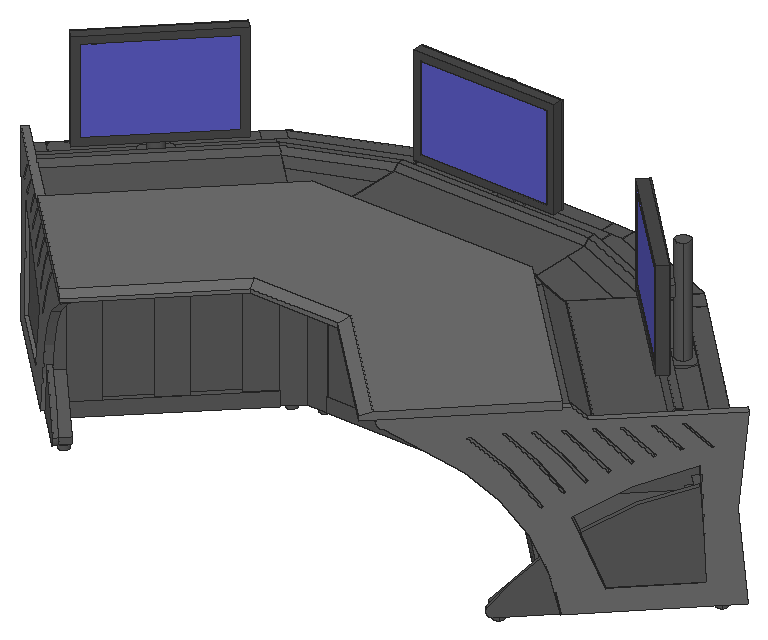
Revit family
Parameters (values of type "3x24" Chase, 2x45deg")
  Worksurface Material = Truform PVC - Winsted Corporation - SG - Shark Grey
  URL = "www.winsted.com"
  Type Comments = "Sightline Corner Console with three 24 Inch Chases and two 45 degree corners"  # constant formula
  Side Panel Material = Truform PVC - Winsted Corporation - SG - Shark Grey
  Product Page URL = "http://www.winsted.com/l3_commandconsoles_sightline.htm"
  Product Documentation Link = "http://www.winsted.com/resources_ae_a4.htm"
  Model = "G9853"  # constant formula
  Manufacturer = "Winsted Corporation"  # constant formula
  Description = "Sightline Corner Console with three 24 Inch Chases and two 45 degree corners"  # constant formula
  Console Material = Powder Coating - Winsted Corporation - BL - Black
  Assembly Code = "E2020200"
Reference planes (in)
  plane 1 "Center Front/Back": y = 0
  plane 2: z = 0
  plane 3 "Center Left/Right": x = 0
  plane 4 "Right": x = 52.02324
  plane 5 "Left": x = -52.0294
  plane 6 "Front": y = -57.06152
  plane 7 "Top": z = 28.5
Forms (in)
  Extrusion 1, solid, material "Powder Coating - Winsted Corporation - BL - Black" <- "Console Material", detail levels fine
    sketch origin (49.2838, -25.58663, 0.03495) x (0.707107, 0.707107, 0) y (0, 0, 1)
      loop
        line (-19.15224, 27.34176) -> (-32.84889, 27.34176) -> (-21.01804, 24.44214) -> (-19.15224, 24.44214) -> (-19.15224, 27.34176)
    from 0 to 1.05859
  Extrusion 2, solid, material "Powder Coating - Winsted Corporation - BL - Black" <- "Console Material", detail levels fine
    sketch origin (-50.0045, -26.30327, 0.03495) x (-0.707107, 0.707107, 0) y (0, 0, 1)
      loop
        line (-19.15224, 27.34176) -> (-32.84889, 27.34176) -> (-21.01804, 24.44214) -> (-19.15224, 24.44214) -> (-19.15224, 27.34176)
    from 0 to 1.05859
  Extrusion 3, solid, material "Powder Coating - Winsted Corporation - BL - Black" <- "Console Material", detail levels medium+fine
    sketch origin (-50.09049, -26.39076, 0) x (-0.707107, 0.707107, 0) y (0, 0, 1)
      loop
        line (0, 24.37769) -> (-2.24609, 24.37647) -> (-2.24609, 23.12744) -> (-13.87451, 23.12744) -> (-13.87451, 24.37695) -> (-20.99512, 24.37695) -> (-20.99902, 7.17651) -> (-27.07178, 1.80908) -> (-27.07422, 0.87817) -> (0, 0.87817) -> (0, 24.37769)
      loop
        line (-2.74902, 21.63037) -> (-18.24805, 21.63037) -> (-18.24805, 3.62598) -> (-2.75146, 3.62598) -> (-2.74902, 21.63037)
    from 0 to 1.625
  Extrusion 4, solid, material "Powder Coating - Winsted Corporation - BL - Black" <- "Console Material", detail levels fine
    sketch origin (-31.97088, -8.27115, 0) x (0.707107, 0.707107, 0) y (-0.707107, 0.707107, 0)
      loop
        circle (-24.81641, -1) r 0.69
    from 0 to 0.5
  Extrusion 5, solid, material "Powder Coating - Winsted Corporation - BL - Black" <- "Console Material", detail levels fine
    sketch origin (-31.97088, -8.27115, 0.5) x (-0.707107, 0.707107, 0) y (-0.707107, -0.707107, 0)
      loop
        circle (-1, 24.81641) r 0.22
    from 0 to 0.37109
  Extrusion 6, solid, material "Powder Coating - Winsted Corporation - BL - Black" <- "Console Material", detail levels fine
    sketch origin (-14.24246, -25.99958, 0) x (0.707107, 0.707107, 0) y (-0.707107, 0.707107, 0)
      loop
        circle (-24.81641, -1) r 0.69
    from 0 to 0.5
  Extrusion 7, solid, material "Powder Coating - Winsted Corporation - BL - Black" <- "Console Material", detail levels fine
    sketch origin (-14.24246, -25.99958, 0.5) x (-0.707107, 0.707107, 0) y (-0.707107, -0.707107, 0)
      loop
        circle (-1, 24.81641) r 0.22
    from 0 to 0.37109
  Extrusion 8, solid, material "Truform PVC - Winsted Corporation - SG - Shark Grey" <- "Side Panel Material", detail levels medium+fine
    sketch origin (-33.83248, -10.12186, 0.15995) x (-0.707107, 0.707107, 0) y (0, 0, 1)
      loop
        arc (-39.30257, 27.34176) -> (-40.04934, 26.59995) -> (-39.31254, 25.84824) r 0.74679
        line (-39.31254, 25.84824) -> (-30.10645, 19.64693)
        arc (-30.10645, 19.64693) -> (-22.93904, 11.24939) -> (-19.271, 0.83614) r 30.18289
        line (-19.271, 0.83614) -> (1.73047, 0.83614)
        arc (1.73047, 0.83614) -> (0.53428, 13.18008) -> (1.73433, 25.52364) r 64.18546
        line (1.73433, 25.52364) -> (-16.23535, 25.52437) -> (-18.0453, 27.34176) -> (-39.30257, 27.34176)
      loop
        arc (-2.88965, 3.83492) -> (-3.62239, 11.38887) -> (-3.64844, 18.97823) r 81.40368
        arc (-3.64844, 18.97823) -> (-11.13548, 16.86339) -> (-18.06396, 13.32442) r 39.56748
        arc (-18.06396, 13.32442) -> (-15.96844, 8.65957) -> (-14.26807, 3.83663) r 61.44575
        line (-14.26807, 3.83663) -> (-2.88965, 3.83492)
      loop
        arc (-5.83203, 24.48604) -> (-4.07163, 22.84309) -> (-2.41748, 21.09322) r 38.46712
        line (-2.41748, 21.09322) -> (-1.91357, 21.09322)
        arc (-1.91357, 21.09322) -> (-3.54348, 22.83932) -> (-5.26953, 24.49044) r 42.2132
        line (-5.26953, 24.49044) -> (-5.83203, 24.48604)
      loop
        arc (-9.21338, 24.48458) -> (-7.45298, 22.84163) -> (-5.79883, 21.09176) r 38.46712
        line (-5.79883, 21.09176) -> (-5.29492, 21.09176)
        arc (-5.29492, 21.09176) -> (-6.92482, 22.83786) -> (-8.65088, 24.48897) r 42.2132
        line (-8.65088, 24.48897) -> (-9.21338, 24.48458)
      loop
        arc (-12.85303, 24.48653) -> (-10.77446, 22.53049) -> (-8.85303, 20.41988) r 36.95997
        line (-8.85303, 20.41988) -> (-8.44287, 20.52486)
        arc (-8.44287, 20.52486) -> (-10.2995, 22.57296) -> (-12.29004, 24.49117) r 40.96486
        line (-12.29004, 24.49117) -> (-12.85303, 24.48653)
      loop
        arc (-15.95654, 24.49093) -> (-13.56573, 22.16658) -> (-11.33691, 19.68648) r 49.47622
        line (-11.33691, 19.68648) -> (-10.9624, 19.8044)
        arc (-10.9624, 19.8044) -> (-13.09665, 22.22377) -> (-15.39746, 24.48531) r 45.35976
        line (-15.39746, 24.48531) -> (-15.95654, 24.49093)
      loop
        arc (-19.33057, 24.48897) -> (-16.49697, 21.73183) -> (-13.95313, 18.70528) r 39.50829
        line (-13.95313, 18.70528) -> (-13.59668, 18.84493)
        arc (-13.59668, 18.84493) -> (-16.0595, 21.78153) -> (-18.76758, 24.49361) r 44.1757
        line (-18.76758, 24.49361) -> (-19.33057, 24.48897)
      loop
        arc (-22.71143, 24.48726) -> (-19.39339, 21.20545) -> (-16.48535, 17.55538) r 39.52041
        line (-16.48535, 17.55538) -> (-16.15137, 17.71676)
        arc (-16.15137, 17.71676) -> (-18.95313, 21.27528) -> (-22.1416, 24.4919) r 39.73986
        line (-22.1416, 24.4919) -> (-22.71143, 24.48726)
      loop
        arc (-26.08545, 24.4858) -> (-22.22532, 20.59847) -> (-18.95801, 16.20113) r 38.37755
        line (-18.95801, 16.20113) -> (-18.64014, 16.38253)
        arc (-18.64014, 16.38253) -> (-21.80231, 20.67017) -> (-25.51563, 24.49044) r 39.27757
        line (-25.51563, 24.49044) -> (-26.08545, 24.4858)
      loop
        arc (-30.01514, 24.15816) -> (-25.3584, 19.70396) -> (-21.50928, 14.53585) r 38.52314
        line (-21.50928, 14.53585) -> (-21.22363, 14.75386)
        arc (-21.22363, 14.75386) -> (-24.95398, 19.80297) -> (-29.45557, 24.17843) r 38.48474
        line (-29.45557, 24.17843) -> (-30.01514, 24.15816)
    from -24 to -23
  Extrusion 9, solid, material "Powder Coating - Winsted Corporation - BL - Black" <- "Console Material", detail levels fine
    sketch origin (-50.09594, -26.38532, 0.03495) x (-0.707107, 0.707107, 0) y (0, 0, -1)
      loop
        arc (-26.92676, -0.84053) -> (-27.57676, -1.22926) -> (-27.56445, -1.98653) r 0.7568
        arc (-27.56445, -1.98653) -> (-24.64303, -5.23554) -> (-21.37973, -8.14099) r 39.3879
        arc (-21.37973, -8.14099) -> (-20.09443, -4.55523) -> (-19.271, -0.83614) r 30.18289
        line (-19.271, -0.83614) -> (-26.92676, -0.84053)
      loop
        arc (-14.27002, -3.83687) -> (-15.5392, -7.53628) -> (-17.07589, -11.13282) r 53.37125
        arc (-17.07589, -11.13282) -> (-10.62217, -14.24015) -> (-3.71191, -16.12545) r 39.32924
        arc (-3.71191, -16.12545) -> (-3.51731, -9.9657) -> (-2.88965, -3.83492) r 87.50743
        line (-2.88965, -3.83492) -> (-14.27002, -3.83687)
    from 0 to 0.625
  Extrusion 10, solid, material "Powder Coating - Winsted Corporation - BL - Black" <- "Console Material", detail levels medium+fine
    sketch origin (33.12195, -9.42477, 0.03495) x (0.707107, 0.707107, 0) y (0, 0, -1)
      loop
        line (0, -24.37769) -> (0, -0.87817) -> (-27.07422, -0.87817) -> (-27.07178, -1.80908) -> (-20.99902, -7.17651) -> (-20.99512, -24.37695) -> (-13.87451, -24.37695) -> (-13.87451, -23.12744) -> (-2.24609, -23.12744) -> (-2.24609, -24.37647) -> (0, -24.37769)
      loop
        line (-2.74902, -21.63037) -> (-2.75146, -3.62598) -> (-18.24805, -3.62598) -> (-18.24805, -21.63037) -> (-2.74902, -21.63037)
    from -24 to -22.375
  Extrusion 11, solid, material "Truform PVC - Winsted Corporation - SG - Shark Grey" <- "Side Panel Material", detail levels medium+fine
    sketch origin (33.82905, -10.13188, 0.15995) x (0.707107, 0.707107, 0) y (0, 0, -1)
      loop
        line (-39.30257, -27.34176) -> (-18.0453, -27.34176) -> (-16.23535, -25.52437) -> (1.73433, -25.52364)
        arc (1.73433, -25.52364) -> (0.53428, -13.18008) -> (1.73047, -0.83614) r 64.18546
        line (1.73047, -0.83614) -> (-19.271, -0.83614)
        arc (-19.271, -0.83614) -> (-22.93904, -11.24939) -> (-30.10645, -19.64693) r 30.18289
        line (-30.10645, -19.64693) -> (-39.31254, -25.84824)
        arc (-39.31254, -25.84824) -> (-40.04934, -26.59995) -> (-39.30257, -27.34176) r 0.74679
      loop
        line (-2.88965, -3.83492) -> (-14.26807, -3.83663)
        arc (-14.26807, -3.83663) -> (-15.96844, -8.65957) -> (-18.06396, -13.32442) r 61.44575
        arc (-18.06396, -13.32442) -> (-11.13548, -16.86339) -> (-3.64844, -18.97823) r 39.56748
        arc (-3.64844, -18.97823) -> (-3.62239, -11.38887) -> (-2.88965, -3.83492) r 81.40368
      loop
        line (-5.83203, -24.48604) -> (-5.26953, -24.49044)
        arc (-5.26953, -24.49044) -> (-3.54348, -22.83932) -> (-1.91357, -21.09322) r 42.2132
        line (-1.91357, -21.09322) -> (-2.41748, -21.09322)
        arc (-2.41748, -21.09322) -> (-4.07163, -22.84309) -> (-5.83203, -24.48604) r 38.46712
      loop
        line (-9.21338, -24.48458) -> (-8.65088, -24.48897)
        arc (-8.65088, -24.48897) -> (-6.92482, -22.83786) -> (-5.29492, -21.09176) r 42.2132
        line (-5.29492, -21.09176) -> (-5.79883, -21.09176)
        arc (-5.79883, -21.09176) -> (-7.45298, -22.84163) -> (-9.21338, -24.48458) r 38.46712
      loop
        line (-12.85303, -24.48653) -> (-12.29004, -24.49117)
        arc (-12.29004, -24.49117) -> (-10.2995, -22.57296) -> (-8.44287, -20.52486) r 40.96486
        line (-8.44287, -20.52486) -> (-8.85303, -20.41988)
        arc (-8.85303, -20.41988) -> (-10.77446, -22.53049) -> (-12.85303, -24.48653) r 36.95997
      loop
        line (-15.95654, -24.49093) -> (-15.39746, -24.48531)
        arc (-15.39746, -24.48531) -> (-13.09665, -22.22377) -> (-10.9624, -19.8044) r 45.35976
        line (-10.9624, -19.8044) -> (-11.33691, -19.68648)
        arc (-11.33691, -19.68648) -> (-13.56573, -22.16658) -> (-15.95654, -24.49093) r 49.47622
      loop
        line (-19.33057, -24.48897) -> (-18.76758, -24.49361)
        arc (-18.76758, -24.49361) -> (-16.0595, -21.78153) -> (-13.59668, -18.84493) r 44.1757
        line (-13.59668, -18.84493) -> (-13.95313, -18.70528)
        arc (-13.95313, -18.70528) -> (-16.49697, -21.73183) -> (-19.33057, -24.48897) r 39.50829
      loop
        line (-22.71143, -24.48726) -> (-22.1416, -24.4919)
        arc (-22.1416, -24.4919) -> (-18.95313, -21.27528) -> (-16.15137, -17.71676) r 39.73986
        line (-16.15137, -17.71676) -> (-16.48535, -17.55538)
        arc (-16.48535, -17.55538) -> (-19.39339, -21.20545) -> (-22.71143, -24.48726) r 39.52041
      loop
        line (-26.08545, -24.4858) -> (-25.51563, -24.49044)
        arc (-25.51563, -24.49044) -> (-21.80231, -20.67017) -> (-18.64014, -16.38253) r 39.27757
        line (-18.64014, -16.38253) -> (-18.95801, -16.20113)
        arc (-18.95801, -16.20113) -> (-22.22532, -20.59847) -> (-26.08545, -24.4858) r 38.37755
      loop
        line (-30.01514, -24.15816) -> (-29.45557, -24.17843)
        arc (-29.45557, -24.17843) -> (-24.95398, -19.80297) -> (-21.22363, -14.75386) r 38.48474
        line (-21.22363, -14.75386) -> (-21.50928, -14.53585)
        arc (-21.50928, -14.53585) -> (-25.3584, -19.70396) -> (-30.01514, -24.15816) r 38.52314
    from -24 to -23
  Extrusion 12, solid, material "Powder Coating - Winsted Corporation - BL - Black" <- "Console Material", detail levels fine
    sketch origin (50.09251, -26.39533, 0.03495) x (0.707107, 0.707107, 0) y (0, 0, 1)
      loop
        line (-26.92676, 0.84053) -> (-19.271, 0.83614)
        arc (-19.271, 0.83614) -> (-20.09443, 4.55523) -> (-21.37973, 8.14099) r 30.18289
        arc (-21.37973, 8.14099) -> (-24.64303, 5.23554) -> (-27.56445, 1.98653) r 39.3879
        arc (-27.56445, 1.98653) -> (-27.57676, 1.22926) -> (-26.92676, 0.84053) r 0.7568
      loop
        line (-14.27002, 3.83687) -> (-2.88965, 3.83492)
        arc (-2.88965, 3.83492) -> (-3.51731, 9.9657) -> (-3.71191, 16.12545) r 87.50743
        arc (-3.71191, 16.12545) -> (-10.62217, 14.24015) -> (-17.07589, 11.13282) r 39.32924
        arc (-17.07589, 11.13282) -> (-15.5392, 7.53628) -> (-14.27002, 3.83687) r 53.37125
    from 0 to 0.625
  Extrusion 13, solid, material "Powder Coating - Winsted Corporation - BL - Black" <- "Console Material", detail levels fine
    sketch origin (75.55112, -51.85394, 0) x (0.707107, -0.707107, 0) y (0.707107, 0.707107, 0)
      loop
        circle (-36.81641, -1) r 0.69
    from 0 to 0.5
  Extrusion 14, solid, material "Powder Coating - Winsted Corporation - BL - Black" <- "Console Material", detail levels fine
    sketch origin (75.55112, -51.85394, 0.5) x (0.707107, 0.707107, 0) y (-0.707107, 0.707107, 0)
      loop
        circle (-1, 36.81641) r 0.22
    from 0 to 0.37109
  Extrusion 15, solid, material "Powder Coating - Winsted Corporation - BL - Black" <- "Console Material", detail levels fine
    sketch origin (57.82269, -69.58236, 0) x (0.707107, -0.707107, 0) y (0.707107, 0.707107, 0)
      loop
        circle (-36.81641, -1) r 0.69
    from 0 to 0.5
  Extrusion 16, solid, material "Powder Coating - Winsted Corporation - BL - Black" <- "Console Material", detail levels fine
    sketch origin (57.82269, -69.58236, 0.5) x (0.707107, 0.707107, 0) y (-0.707107, 0.707107, 0)
      loop
        circle (-1, 36.81641) r 0.22
    from 0 to 0.37109
  Sweep 17, solid, material "Truform PVC - Winsted Corporation - SG - Shark Grey" <- "Worksurface Material", detail levels medium+fine
    path origin (0, 0, 0) x (1, 0, 0) y (0, 1, 0)
      loop
        line (21.3663, -57.06609) -> (6.30021, -42) -> (-6.30276, -42) -> (-21.36428, -57.06152)
    profile origin (-0.00128, -42, 0) x (0, -1, 0) y (0, 0, 1)
      loop
        line (-22.75, 27.46464) -> (0, 27.46464) -> (0, 28.02662) -> (-1.47406, 28.5) -> (-22.75, 28.5) -> (-22.75, 27.46464)
  Extrusion 18, solid, material "Powder Coating - Winsted Corporation - BL - Black" <- "Console Material", detail levels medium+fine
    sketch origin (12, 0, 0) x (0, 1, 0) y (0, 0, 1)
      loop
        line (0, 24.37769) -> (-2.24609, 24.37647) -> (-2.24609, 23.12744) -> (-13.87451, 23.12744) -> (-13.87451, 24.37695) -> (-20.99512, 24.37695) -> (-21.00045, 0.87817) -> (0, 0.87817) -> (0, 24.37769)
      loop
        line (-2.74902, 21.63037) -> (-18.24805, 21.63037) -> (-18.24805, 3.62598) -> (-2.75146, 3.62598) -> (-2.74902, 21.63037)
    from 0 to 3
  Extrusion 19, solid, material "Powder Coating - Winsted Corporation - BL - Black" <- "Console Material", detail levels fine
    sketch origin (62.315, 0, 0) x (1, 0, 0) y (0, 1, 0)
      loop
        circle (-48.81641, -1) r 0.69
    from 0 to 0.5
  Extrusion 20, solid, material "Powder Coating - Winsted Corporation - BL - Black" <- "Console Material", detail levels fine
    sketch origin (62.315, 0, 0.5) x (0, 1, 0) y (-1, 0, 0)
      loop
        circle (-1, 48.81641) r 0.22
    from 0 to 0.37109
  Extrusion 21, solid, material "Powder Coating - Winsted Corporation - BL - Black" <- "Console Material", detail levels fine
    sketch origin (62.31641, -18.57178, 0) x (1, 0, 0) y (0, 1, 0)
      loop
        circle (-48.81641, -1) r 0.69
    from 0 to 0.5
  Extrusion 22, solid, material "Powder Coating - Winsted Corporation - BL - Black" <- "Console Material", detail levels fine
    sketch origin (62.31641, -18.57178, 0.5) x (0, 1, 0) y (-1, 0, 0)
      loop
        circle (-1, 48.81641) r 0.22
    from 0 to 0.37109
  Sweep 23, solid, material "Powder Coating - Winsted Corporation - BL - Black" <- "Console Material", detail levels fine
    path origin (-0.00391, -2.41494, 27.42969) x (0, 1, 0) y (-1, 0, 0)
      loop
        line (0, 13.62039) -> (0, -13.62961)
    profile origin (0.00071, -2.41494, 27.42969) x (0, 1, 0) y (0, 0, 1)
      loop
        line (-3.04111, -1.50879) -> (-4.00635, -1.50879) -> (-4.74709, -2.25244) -> (-13.12793, -2.25244) -> (-13.29883, -2.39844) -> (-15.73598, 0) -> (-16.7373, 0) -> (-16.7373, -2.98755) -> (-18.58579, -2.98755) -> (-18.58579, -3.05005) -> (-16.6748, -3.05005) -> (-16.6748, -0.0625) -> (-15.76157, -0.0625) -> (-13.30181, -2.48319) -> (-13.10487, -2.31494) -> (-4.72113, -2.31494) -> (-3.98039, -1.57129) -> (-3.04111, -1.57129) -> (-3.04111, -1.50879)
      loop
        line (-3.04057, -2.80298) -> (-3.03995, -4.302) -> (-0.03906, -4.302) -> (-0.03955, -2.80298) -> (-3.04057, -2.80298)
  Sweep 24, solid, material "Powder Coating - Winsted Corporation - BL - Black" <- "Console Material", detail levels medium+fine
    path origin (-0.00391, 0, 24.41191) x (0, 1, 0) y (-1, 0, 0)
      loop
        line (-3.22991, 11.99609) -> (-3.22991, -12.00391)
    profile origin (0, -3.22991, 24.41191) x (0, 1, 0) y (0, 0, 1)
      loop
        line (1.35329, -22.7561) -> (0.98081, -22.7561) -> (0.98121, -23.50317) -> (3.22886, -23.50317) -> (3.22886, -21.46948) -> (1.62339, -21.46948) -> (1.62339, -21.53198) -> (3.16636, -21.53198) -> (3.16636, -23.44067) -> (1.04368, -23.44067) -> (1.04334, -22.8186) -> (1.35329, -22.8186) -> (1.35329, -22.7561)
      loop
        line (1.35434, -0.75464) -> (1.35434, -0.69214) -> (1.0444, -0.69214) -> (1.04474, -0.0625) -> (3.16741, -0.0625) -> (3.16741, -2.04126) -> (1.62445, -2.04126) -> (1.62445, -2.10376) -> (3.22991, -2.10376) -> (3.22991, 0) -> (0.98228, 0) -> (0.98187, -0.75464) -> (1.35434, -0.75464)
      loop
        line (-15.88963, -0.75293) -> (-15.51716, -0.75293) -> (-15.51756, -0.00586) -> (-17.7652, -0.00586) -> (-17.7652, -2.10205) -> (-16.15974, -2.10205) -> (-16.15974, -2.03955) -> (-17.7027, -2.03955) -> (-17.7027, -0.06836) -> (-15.58003, -0.06836) -> (-15.57969, -0.69043) -> (-15.88963, -0.69043) -> (-15.88963, -0.75293)
      loop
        line (-16.02115, -22.75732) -> (-16.02115, -22.81982) -> (-15.7112, -22.81982) -> (-15.71154, -23.43628) -> (-17.82868, -23.43628) -> (-17.82868, -21.5332) -> (-16.29125, -21.5332) -> (-16.29125, -21.4707) -> (-17.89118, -21.4707) -> (-17.89118, -23.49878) -> (-15.64907, -23.49878) -> (-15.64867, -22.75732) -> (-16.02115, -22.75732)
  Sweep 25, solid, material "Powder Coating - Winsted Corporation - BL - Black" <- "Console Material", detail levels fine
    path origin (23.99609, 0, 0.2514) x (1, 0, 0) y (0, 0, 1)
      loop
        line (-23.99609, 2.69102) -> (-23.99609, 22.05675)
    profile origin (0, 0, 12.62529) x (-1, 0, 0) y (0, -1, 0)
      loop
        line (11.97119, 20.99512) -> (7.97217, 20.99512) -> (7.97217, 20.30322) -> (2.06396, 20.30322) -> (2.06396, 20.99268) -> (-1.93115, 20.99268) -> (-1.93408, 20.31397) -> (-7.84326, 20.31397) -> (-7.83984, 20.99512) -> (-12.02881, 20.99512) -> (-12.02881, 20.17774) -> (11.97119, 20.17774) -> (11.97119, 20.99512)
  Sweep 26, solid, material "Powder Coating - Winsted Corporation - BL - Black" <- "Console Material", detail levels fine
    path origin (23.99609, -20.99951, 0.2514) x (1, 0, 0) y (0, 0, -1)
      loop
        line (-23.99609, -2.69102) -> (-23.99609, -22.05675)
    profile origin (0, -20.99951, 12.62529) x (1, 0, 0) y (0, 1, 0)
      loop
        line (-11.99609, 20.99951) -> (-11.99609, 20.18213) -> (12.00391, 20.18213) -> (12.00391, 20.99951) -> (7.81494, 20.99951) -> (7.81836, 20.31836) -> (1.90918, 20.31836) -> (1.90625, 20.99707) -> (-2.08887, 20.99707) -> (-2.08887, 20.30762) -> (-7.99707, 20.30762) -> (-7.99707, 20.99951) -> (-11.99609, 20.99951)
  Sweep 27, solid, material "Powder Coating - Winsted Corporation - BL - Black" <- "Console Material", detail levels fine
    path origin (-0.00391, 0, 1.65995) x (0, 1, 0) y (-1, 0, 0)
      loop
        line (-3.96465, 11.99609) -> (-3.96465, -12.00391)
    profile origin (0, -3.96465, 1.65995) x (0, 1, 0) y (0, 0, 1)
      loop
        line (-15.40237, -0.62867) -> (-15.40237, 0.00195) -> (-14.77541, 0.00195) -> (-14.77541, -0.62915) -> (1.59275, -0.62915) -> (1.59275, 0.00122) -> (2.2241, 0.00122) -> (2.2241, -0.63501) -> (2.2866, -0.63501) -> (2.2866, 0.06372) -> (1.53025, 0.06372) -> (1.53025, -0.56665) -> (-14.71291, -0.56665) -> (-14.71291, 0.06445) -> (-15.46487, 0.06445) -> (-15.46487, -0.62867) -> (-15.40237, -0.62867)
  Extrusion 28, solid, material "Powder Coating - Winsted Corporation - BL - Black" <- "Console Material", detail levels fine
    sketch origin (-12.84998, 0, 0.03495) x (0, 1, 0) y (0, 0, 1)
      loop
        line (-19.15224, 27.34176) -> (-32.84889, 27.34176) -> (-21.01804, 24.44214) -> (-19.15224, 24.44214) -> (-19.15224, 27.34176)
    from 0 to 1.05859
  Extrusion 29, solid, material "Powder Coating - Winsted Corporation - BL - Black" <- "Console Material", detail levels fine
    sketch origin (11.81372, 0, 0.03495) x (0, 1, 0) y (0, 0, 1)
      loop
        line (-19.15224, 27.34176) -> (-32.84889, 27.34176) -> (-21.01804, 24.44214) -> (-19.15224, 24.44214) -> (-19.15224, 27.34176)
    from 0 to 1.05859
  Extrusion 30, solid, material "Powder Coating - Winsted Corporation - BL - Black" <- "Console Material", detail levels medium+fine
    sketch origin (-15, 0.00106, 0) x (0, 1, 0) y (0, 0, 1)
      loop
        line (-0.00106, 24.37768) -> (-2.24609, 24.37647) -> (-2.24609, 23.12744) -> (-13.87451, 23.12744) -> (-13.87451, 24.37695) -> (-20.99512, 24.37695) -> (-21.00045, 0.87378) -> (-0.00106, 0.87378) -> (-0.00106, 24.37768)
      loop
        line (-2.74902, 21.63037) -> (-18.24805, 21.63037) -> (-18.24805, 3.62598) -> (-2.75146, 3.62598) -> (-2.74902, 21.63037)
    from 0 to 3
  Extrusion 31, solid, material "Powder Coating - Winsted Corporation - BL - Black" <- "Console Material", detail levels fine
    sketch origin (35.315, 0.00106, 0) x (1, 0, 0) y (0, 1, 0)
      loop
        circle (-48.81641, -1) r 0.69
    from 0 to 0.5
  Extrusion 32, solid, material "Powder Coating - Winsted Corporation - BL - Black" <- "Console Material", detail levels fine
    sketch origin (35.315, 0.00106, 0.5) x (0, 1, 0) y (-1, 0, 0)
      loop
        circle (-1, 48.81641) r 0.22
    from 0 to 0.37109
  Extrusion 33, solid, material "Powder Coating - Winsted Corporation - BL - Black" <- "Console Material", detail levels fine
    sketch origin (35.31641, -18.57072, 0) x (1, 0, 0) y (0, 1, 0)
      loop
        circle (-48.81641, -1) r 0.69
    from 0 to 0.5
  Extrusion 34, solid, material "Powder Coating - Winsted Corporation - BL - Black" <- "Console Material", detail levels fine
    sketch origin (35.31641, -18.57072, 0.5) x (0, 1, 0) y (-1, 0, 0)
      loop
        circle (-1, 48.81641) r 0.22
    from 0 to 0.37109
  Extrusion 35, solid, material "Powder Coating - Winsted Corporation - BL - Black" <- "Console Material", detail levels medium+fine
    sketch origin (-31.97088, -8.27115, 0) x (-0.707107, 0.707107, 0) y (0, 0, 1)
      loop
        line (0, 24.37769) -> (-2.24609, 24.37647) -> (-2.24609, 23.12744) -> (-13.87451, 23.12744) -> (-13.87451, 24.37695) -> (-20.99512, 24.37695) -> (-21.00045, 0.87817) -> (0, 0.87817) -> (0, 24.37769)
      loop
        line (-2.74902, 21.63037) -> (-18.24805, 21.63037) -> (-18.24805, 3.62598) -> (-2.75146, 3.62598) -> (-2.74902, 21.63037)
    from 0 to 3
  Extrusion 36, solid, material "Powder Coating - Winsted Corporation - BL - Black" <- "Console Material", detail levels fine
    sketch origin (3.60719, 27.30692, 0) x (0.707107, 0.707107, 0) y (-0.707107, 0.707107, 0)
      loop
        circle (-48.81641, -1) r 0.69
    from 0 to 0.5
  Extrusion 37, solid, material "Powder Coating - Winsted Corporation - BL - Black" <- "Console Material", detail levels fine
    sketch origin (3.60719, 27.30692, 0.5) x (-0.707107, 0.707107, 0) y (-0.707107, -0.707107, 0)
      loop
        circle (-1, 48.81641) r 0.22
    from 0 to 0.37109
  Extrusion 38, solid, material "Powder Coating - Winsted Corporation - BL - Black" <- "Console Material", detail levels fine
    sketch origin (16.74042, 14.17569, 0) x (0.707107, 0.707107, 0) y (-0.707107, 0.707107, 0)
      loop
        circle (-48.81641, -1) r 0.69
    from 0 to 0.5
  Extrusion 39, solid, material "Powder Coating - Winsted Corporation - BL - Black" <- "Console Material", detail levels fine
    sketch origin (16.74042, 14.17569, 0.5) x (-0.707107, 0.707107, 0) y (-0.707107, -0.707107, 0)
      loop
        circle (-1, 48.81641) r 0.22
    from 0 to 0.37109
  Sweep 40, solid, material "Powder Coating - Winsted Corporation - BL - Black" <- "Console Material", detail levels fine
    path origin (-38.75131, -18.46681, 27.42969) x (-0.707107, 0.707107, 0) y (-0.707107, -0.707107, 0)
      loop
        line (0, 13.62039) -> (0, -13.62961)
    profile origin (-38.74805, -18.46355, 27.42969) x (-0.707107, 0.707107, 0) y (0, 0, 1)
      loop
        line (-3.04111, -1.50879) -> (-4.00635, -1.50879) -> (-4.74709, -2.25244) -> (-13.12793, -2.25244) -> (-13.29883, -2.39844) -> (-15.73598, 0) -> (-16.7373, 0) -> (-16.7373, -2.98755) -> (-18.58579, -2.98755) -> (-18.58579, -3.05005) -> (-16.6748, -3.05005) -> (-16.6748, -0.0625) -> (-15.76157, -0.0625) -> (-13.30181, -2.48319) -> (-13.10487, -2.31494) -> (-4.72113, -2.31494) -> (-3.98039, -1.57129) -> (-3.04111, -1.57129) -> (-3.04111, -1.50879)
      loop
        line (-3.04057, -2.80298) -> (-3.03995, -4.302) -> (-0.03906, -4.302) -> (-0.03955, -2.80298) -> (-3.04057, -2.80298)
  Sweep 41, solid, material "Powder Coating - Winsted Corporation - BL - Black" <- "Console Material", detail levels medium+fine
    path origin (-40.45893, -16.7592, 24.41191) x (-0.707107, 0.707107, 0) y (-0.707107, -0.707107, 0)
      loop
        line (-3.22991, 11.99609) -> (-3.22991, -12.00391)
    profile origin (-38.17227, -19.04033, 24.41191) x (-0.707107, 0.707107, 0) y (0, 0, 1)
      loop
        line (1.35329, -22.7561) -> (0.98081, -22.7561) -> (0.98121, -23.50317) -> (3.22886, -23.50317) -> (3.22886, -21.46948) -> (1.62339, -21.46948) -> (1.62339, -21.53198) -> (3.16636, -21.53198) -> (3.16636, -23.44067) -> (1.04368, -23.44067) -> (1.04334, -22.8186) -> (1.35329, -22.8186) -> (1.35329, -22.7561)
      loop
        line (1.35434, -0.75464) -> (1.35434, -0.69214) -> (1.0444, -0.69214) -> (1.04474, -0.0625) -> (3.16741, -0.0625) -> (3.16741, -2.04126) -> (1.62445, -2.04126) -> (1.62445, -2.10376) -> (3.22991, -2.10376) -> (3.22991, 0) -> (0.98228, 0) -> (0.98187, -0.75464) -> (1.35434, -0.75464)
      loop
        line (-15.88963, -0.75293) -> (-15.51716, -0.75293) -> (-15.51756, -0.00586) -> (-17.7652, -0.00586) -> (-17.7652, -2.10205) -> (-16.15974, -2.10205) -> (-16.15974, -2.03955) -> (-17.7027, -2.03955) -> (-17.7027, -0.06836) -> (-15.58003, -0.06836) -> (-15.57969, -0.69043) -> (-15.88963, -0.69043) -> (-15.88963, -0.75293)
      loop
        line (-16.02115, -22.75732) -> (-16.02115, -22.81982) -> (-15.7112, -22.81982) -> (-15.71154, -23.43628) -> (-17.82868, -23.43628) -> (-17.82868, -21.5332) -> (-16.29125, -21.5332) -> (-16.29125, -21.4707) -> (-17.89118, -21.4707) -> (-17.89118, -23.49878) -> (-15.64907, -23.49878) -> (-15.64867, -22.75732) -> (-16.02115, -22.75732)
  Sweep 42, solid, material "Powder Coating - Winsted Corporation - BL - Black" <- "Console Material", detail levels fine
    path origin (-23.48836, 0.21137, 0.2514) x (0.707107, 0.707107, 0) y (0, 0, 1)
      loop
        line (-23.99609, 2.69102) -> (-23.99609, 22.05675)
    profile origin (-40.45617, -16.75643, 12.62529) x (-0.707107, -0.707107, 0) y (0.707107, -0.707107, 0)
      loop
        line (11.97119, 20.99512) -> (7.97217, 20.99512) -> (7.97217, 20.30322) -> (2.06396, 20.30322) -> (2.06396, 20.99268) -> (-1.93115, 20.99268) -> (-1.93408, 20.31397) -> (-7.84326, 20.31397) -> (-7.83984, 20.99512) -> (-12.02881, 20.99512) -> (-12.02881, 20.17774) -> (11.97119, 20.17774) -> (11.97119, 20.99512)
  Sweep 43, solid, material "Powder Coating - Winsted Corporation - BL - Black" <- "Console Material", detail levels fine
    path origin (-8.63947, -14.63753, 0.2514) x (0.707107, 0.707107, 0) y (0, 0, -1)
      loop
        line (-23.99609, -2.69102) -> (-23.99609, -22.05675)
    profile origin (-25.60727, -31.60533, 12.62529) x (0.707107, 0.707107, 0) y (-0.707107, 0.707107, 0)
      loop
        line (-11.99609, 20.99951) -> (-11.99609, 20.18213) -> (12.00391, 20.18213) -> (12.00391, 20.99951) -> (7.81494, 20.99951) -> (7.81836, 20.31836) -> (1.90918, 20.31836) -> (1.90625, 20.99707) -> (-2.08887, 20.99707) -> (-2.08887, 20.30762) -> (-7.99707, 20.30762) -> (-7.99707, 20.99951) -> (-11.99609, 20.99951)
  Sweep 44, solid, material "Powder Coating - Winsted Corporation - BL - Black" <- "Console Material", detail levels fine
    path origin (-40.45893, -16.7592, 1.65995) x (-0.707107, 0.707107, 0) y (-0.707107, -0.707107, 0)
      loop
        line (-3.96465, 11.99609) -> (-3.96465, -12.00391)
    profile origin (-37.65273, -19.55987, 1.65995) x (-0.707107, 0.707107, 0) y (0, 0, 1)
      loop
        line (-15.40237, -0.62867) -> (-15.40237, 0.00195) -> (-14.77541, 0.00195) -> (-14.77541, -0.62915) -> (1.59275, -0.62915) -> (1.59275, 0.00122) -> (2.2241, 0.00122) -> (2.2241, -0.63501) -> (2.2866, -0.63501) -> (2.2866, 0.06372) -> (1.53025, 0.06372) -> (1.53025, -0.56665) -> (-14.71291, -0.56665) -> (-14.71291, 0.06445) -> (-15.46487, 0.06445) -> (-15.46487, -0.62867) -> (-15.40237, -0.62867)
  Extrusion 45, solid, material "Powder Coating - Winsted Corporation - BL - Black" <- "Console Material", detail levels fine
    sketch origin (-32.10261, -8.40288, 0.03495) x (-0.707107, 0.707107, 0) y (0, 0, 1)
      loop
        line (-19.15224, 27.34176) -> (-32.84889, 27.34176) -> (-21.01804, 24.44214) -> (-19.15224, 24.44214) -> (-19.15224, 27.34176)
    from 0 to 1.05859
  Sweep 46, solid, material "Powder Coating - Winsted Corporation - BL - Black" <- "Console Material", detail levels fine
    path origin (38.74504, -18.46309, 27.42969) x (0.707107, 0.707107, 0) y (-0.707107, 0.707107, 0)
      loop
        line (0, 13.62039) -> (0, -13.62961)
    profile origin (38.7483, -18.46636, 27.42969) x (0.707107, 0.707107, 0) y (0, 0, 1)
      loop
        line (-3.04111, -1.50879) -> (-4.00635, -1.50879) -> (-4.74709, -2.25244) -> (-13.12793, -2.25244) -> (-13.29883, -2.39844) -> (-15.73598, 0) -> (-16.7373, 0) -> (-16.7373, -2.98755) -> (-18.58579, -2.98755) -> (-18.58579, -3.05005) -> (-16.6748, -3.05005) -> (-16.6748, -0.0625) -> (-15.76157, -0.0625) -> (-13.30181, -2.48319) -> (-13.10487, -2.31494) -> (-4.72113, -2.31494) -> (-3.98039, -1.57129) -> (-3.04111, -1.57129) -> (-3.04111, -1.50879)
      loop
        line (-3.04057, -2.80298) -> (-3.03995, -4.302) -> (-0.03906, -4.302) -> (-0.03955, -2.80298) -> (-3.04057, -2.80298)
  Sweep 47, solid, material "Powder Coating - Winsted Corporation - BL - Black" <- "Console Material", detail levels medium+fine
    path origin (40.45266, -16.75548, 24.41191) x (0.707107, 0.707107, 0) y (-0.707107, 0.707107, 0)
      loop
        line (-3.22991, 11.99609) -> (-3.22991, -12.00391)
    profile origin (38.17152, -19.04213, 24.41191) x (0.707107, 0.707107, 0) y (0, 0, 1)
      loop
        line (1.35329, -22.7561) -> (0.98081, -22.7561) -> (0.98121, -23.50317) -> (3.22886, -23.50317) -> (3.22886, -21.46948) -> (1.62339, -21.46948) -> (1.62339, -21.53198) -> (3.16636, -21.53198) -> (3.16636, -23.44067) -> (1.04368, -23.44067) -> (1.04334, -22.8186) -> (1.35329, -22.8186) -> (1.35329, -22.7561)
      loop
        line (1.35434, -0.75464) -> (1.35434, -0.69214) -> (1.0444, -0.69214) -> (1.04474, -0.0625) -> (3.16741, -0.0625) -> (3.16741, -2.04126) -> (1.62445, -2.04126) -> (1.62445, -2.10376) -> (3.22991, -2.10376) -> (3.22991, 0) -> (0.98228, 0) -> (0.98187, -0.75464) -> (1.35434, -0.75464)
      loop
        line (-15.88963, -0.75293) -> (-15.51716, -0.75293) -> (-15.51756, -0.00586) -> (-17.7652, -0.00586) -> (-17.7652, -2.10205) -> (-16.15974, -2.10205) -> (-16.15974, -2.03955) -> (-17.7027, -2.03955) -> (-17.7027, -0.06836) -> (-15.58003, -0.06836) -> (-15.57969, -0.69043) -> (-15.88963, -0.69043) -> (-15.88963, -0.75293)
      loop
        line (-16.02115, -22.75732) -> (-16.02115, -22.81982) -> (-15.7112, -22.81982) -> (-15.71154, -23.43628) -> (-17.82868, -23.43628) -> (-17.82868, -21.5332) -> (-16.29125, -21.5332) -> (-16.29125, -21.4707) -> (-17.89118, -21.4707) -> (-17.89118, -23.49878) -> (-15.64907, -23.49878) -> (-15.64867, -22.75732) -> (-16.02115, -22.75732)
  Sweep 48, solid, material "Powder Coating - Winsted Corporation - BL - Black" <- "Console Material", detail levels fine
    path origin (57.42322, -33.72604, 0.2514) x (0.707107, -0.707107, 0) y (0, 0, 1)
      loop
        line (-23.99609, 2.69102) -> (-23.99609, 22.05675)
    profile origin (40.45542, -16.75824, 12.62529) x (-0.707107, 0.707107, 0) y (-0.707107, -0.707107, 0)
      loop
        line (11.97119, 20.99512) -> (7.97217, 20.99512) -> (7.97217, 20.30322) -> (2.06396, 20.30322) -> (2.06396, 20.99268) -> (-1.93115, 20.99268) -> (-1.93408, 20.31397) -> (-7.84326, 20.31397) -> (-7.83984, 20.99512) -> (-12.02881, 20.99512) -> (-12.02881, 20.17774) -> (11.97119, 20.17774) -> (11.97119, 20.99512)
  Sweep 49, solid, material "Powder Coating - Winsted Corporation - BL - Black" <- "Console Material", detail levels fine
    path origin (42.57432, -48.57494, 0.2514) x (0.707107, -0.707107, 0) y (0, 0, -1)
      loop
        line (-23.99609, -2.69102) -> (-23.99609, -22.05675)
    profile origin (25.60652, -31.60714, 12.62529) x (0.707107, -0.707107, 0) y (0.707107, 0.707107, 0)
      loop
        line (-11.99609, 20.99951) -> (-11.99609, 20.18213) -> (12.00391, 20.18213) -> (12.00391, 20.99951) -> (7.81494, 20.99951) -> (7.81836, 20.31836) -> (1.90918, 20.31836) -> (1.90625, 20.99707) -> (-2.08887, 20.99707) -> (-2.08887, 20.30762) -> (-7.99707, 20.30762) -> (-7.99707, 20.99951) -> (-11.99609, 20.99951)
  Sweep 50, solid, material "Powder Coating - Winsted Corporation - BL - Black" <- "Console Material", detail levels fine
    path origin (40.45266, -16.75548, 1.65995) x (0.707107, 0.707107, 0) y (-0.707107, 0.707107, 0)
      loop
        line (-3.96465, 11.99609) -> (-3.96465, -12.00391)
    profile origin (37.65198, -19.56167, 1.65995) x (0.707107, 0.707107, 0) y (0, 0, 1)
      loop
        line (-15.40237, -0.62867) -> (-15.40237, 0.00195) -> (-14.77541, 0.00195) -> (-14.77541, -0.62915) -> (1.59275, -0.62915) -> (1.59275, 0.00122) -> (2.2241, 0.00122) -> (2.2241, -0.63501) -> (2.2866, -0.63501) -> (2.2866, 0.06372) -> (1.53025, 0.06372) -> (1.53025, -0.56665) -> (-14.71291, -0.56665) -> (-14.71291, 0.06445) -> (-15.46487, 0.06445) -> (-15.46487, -0.62867) -> (-15.40237, -0.62867)
  Extrusion 51, solid, material "Powder Coating - Winsted Corporation - BL - Black" <- "Console Material", detail levels fine
    sketch origin (31.36911, -7.67193, 0.03495) x (0.707107, 0.707107, 0) y (0, 0, 1)
      loop
        line (-19.15224, 27.34176) -> (-32.84889, 27.34176) -> (-21.01804, 24.44214) -> (-19.15224, 24.44214) -> (-19.15224, 27.34176)
    from 0 to 1.05859
  Extrusion 52, solid, material "Powder Coating - Winsted Corporation - BL - Black" <- "Console Material", detail levels medium+fine
    sketch origin (29.84956, -6.15089, 0) x (0.707107, 0.707107, 0) y (0, 0, 1)
      loop
        line (-0.00106, 24.37768) -> (-2.24609, 24.37647) -> (-2.24609, 23.12744) -> (-13.87451, 23.12744) -> (-13.87451, 24.37695) -> (-20.99512, 24.37695) -> (-21.00045, 0.87378) -> (-0.00106, 0.87378) -> (-0.00106, 24.37768)
      loop
        line (-2.74902, 21.63037) -> (-18.24805, 21.63037) -> (-18.24805, 3.62598) -> (-2.75146, 3.62598) -> (-2.74902, 21.63037)
    from 0 to 3
  Extrusion 53, solid, material "Powder Coating - Winsted Corporation - BL - Black" <- "Console Material", detail levels fine
    sketch origin (65.42764, -41.72897, 0) x (0.707107, -0.707107, 0) y (0.707107, 0.707107, 0)
      loop
        circle (-48.81641, -1) r 0.69
    from 0 to 0.5
  Extrusion 54, solid, material "Powder Coating - Winsted Corporation - BL - Black" <- "Console Material", detail levels fine
    sketch origin (65.42764, -41.72897, 0.5) x (0.707107, 0.707107, 0) y (-0.707107, 0.707107, 0)
      loop
        circle (-1, 48.81641) r 0.22
    from 0 to 0.37109
  Extrusion 55, solid, material "Powder Coating - Winsted Corporation - BL - Black" <- "Console Material", detail levels fine
    sketch origin (52.29641, -54.86219, 0) x (0.707107, -0.707107, 0) y (0.707107, 0.707107, 0)
      loop
        circle (-48.81641, -1) r 0.69
    from 0 to 0.5
  Extrusion 56, solid, material "Powder Coating - Winsted Corporation - BL - Black" <- "Console Material", detail levels fine
    sketch origin (52.29641, -54.86219, 0.5) x (0.707107, 0.707107, 0) y (-0.707107, 0.707107, 0)
      loop
        circle (-1, 48.81641) r 0.22
    from 0 to 0.37109
  Blend 57, solid, material "Powder Coating - Winsted Corporation - BL - Black" <- "Console Material", detail levels fine
    base sketch origin (13.43101, -10.15615, 0) x (0, 1, 0) y (0, 0, 1)
      loop
        line (-10.84312, 24.43797) -> (-10.84312, 24.35984) -> (-8.902, 24.35984) -> (-8.902, 27.35984) -> (-8.01249, 27.35984) -> (-5.74817, 25.09552) -> (-0.02, 25.09552) -> (3.03973, 25.09552) -> (3.78973, 25.84552) -> (4.70736, 25.84552) -> (4.70736, 25.92365) -> (3.75736, 25.92365) -> (3.00737, 25.17365) -> (-0.02, 25.17365) -> (-5.71581, 25.17365) -> (-7.98013, 27.43796) -> (-8.98012, 27.43796) -> (-8.98012, 24.43797) -> (-10.84312, 24.43797)
    top sketch origin (11.66535, -26.93241, 0) x (-0.707107, -0.707107, 0) y (0, 0, 1)
      loop
        line (-7.01332, 24.43797) -> (-8.87631, 24.43797) -> (-8.87631, 27.43796) -> (-9.87631, 27.43796) -> (-12.14063, 25.17365) -> (-17.83644, 25.17365) -> (-20.86381, 25.17365) -> (-21.6138, 25.92365) -> (-22.5638, 25.92365) -> (-22.5638, 25.84552) -> (-21.64616, 25.84552) -> (-20.89617, 25.09552) -> (-17.83644, 25.09552) -> (-12.10827, 25.09552) -> (-9.84395, 27.35984) -> (-8.95444, 27.35984) -> (-8.95444, 24.35984) -> (-7.01332, 24.35984) -> (-7.01332, 24.43797)
    from 0.1947 to -0.65122
  Sweep 58, solid, material "Powder Coating - Winsted Corporation - BL - Black" <- "Console Material", detail levels fine
    path origin (15, -20.99927, 0) x (1, 0, 0) y (0, 1, 0)
      loop
        line (-1.56899, 18.562) -> (0, 18.562) -> (13.10792, 13.14271) -> (14.2369, 12.01374)
    profile origin (14.2155, -2.43727, 0) x (0, 1, 0) y (0, 0, 1)
      loop
        line (0, 24.62497) -> (-3, 24.62497) -> (-3, 23.12497) -> (0, 23.12497) -> (0, 24.62497)
  Extrusion 59, solid, material "Powder Coating - Winsted Corporation - BL - Black" <- "Console Material", detail levels fine
    sketch origin (15, -20.99927, 0.87501) x (1, 0, 0) y (0, 1, 0)
      loop
        line (0, 20.99927) -> (0, 20.91474) -> (14.78101, 14.80373) -> (14.84082, 14.86354) -> (0, 20.99927)
    from 0 to 23.4499
  Extrusion 60, solid, material "Powder Coating - Winsted Corporation - BL - Black" <- "Console Material", detail levels fine
    sketch origin (15, -20.99927, 24.29689) x (1, 0, 0) y (0, 1, 0)
      loop
        line (0, 20.99927) -> (0, 18.562) -> (13.11646, 13.13918) -> (14.84082, 14.86354) -> (0, 20.99927)
    from 0 to 0.07813
  Extrusion 61, void
    sketch origin (15, -21.00045, 24.35984) x (1, 0, 0) y (0, 1, 0)
      loop
        line (-1.56998, 0) -> (-1.56998, -0.16319) -> (0.96388, -1.29133) -> (1.12761, -1.12761) -> (0, 0) -> (-1.56998, 0)
    from 0 to 0.07812
  Blend 62, solid, material "Powder Coating - Winsted Corporation - BL - Black" <- "Console Material", detail levels fine
    base sketch origin (-13.5, -10.17442, 0) x (0, 1, 0) y (0, 0, -1)
      loop
        line (-10.84312, -24.43797) -> (-8.98012, -24.43797) -> (-8.98012, -27.43796) -> (-7.98013, -27.43796) -> (-5.71581, -25.17365) -> (-0.02, -25.17365) -> (3.00737, -25.17365) -> (3.75736, -25.92365) -> (4.70736, -25.92365) -> (4.70736, -25.84552) -> (3.78973, -25.84552) -> (3.03973, -25.09552) -> (-0.02, -25.09552) -> (-5.74817, -25.09552) -> (-8.01249, -27.35984) -> (-8.902, -27.35984) -> (-8.902, -24.35984) -> (-10.84312, -24.35984) -> (-10.84312, -24.43797)
    top sketch origin (-11.73434, -26.95068, 0) x (0.707107, -0.707107, 0) y (0, 0, -1)
      loop
        line (-7.04015, -24.43797) -> (-7.04015, -24.35984) -> (-8.98127, -24.35984) -> (-8.98127, -27.35984) -> (-9.87078, -27.35984) -> (-12.1351, -25.09552) -> (-17.86327, -25.09552) -> (-20.923, -25.09552) -> (-21.67299, -25.84552) -> (-22.59063, -25.84552) -> (-22.59063, -25.92365) -> (-21.64063, -25.92365) -> (-20.89064, -25.17365) -> (-17.86327, -25.17365) -> (-12.16746, -25.17365) -> (-9.90314, -27.43796) -> (-8.90314, -27.43796) -> (-8.90314, -24.43797) -> (-7.04015, -24.43797)
    from 0.12429 to -0.73343
  Sweep 63, solid, material "Powder Coating - Winsted Corporation - BL - Black" <- "Console Material", detail levels fine
    path origin (-15.06899, -21.01754, 0) x (-1, 0, 0) y (0, -1, 0)
      loop
        line (-1.56899, -18.562) -> (0, -18.562) -> (12.97717, -13.19677) -> (14.10841, -12.06553)
    profile origin (-14.2845, -2.45554, 0) x (0, -1, 0) y (0, 0, 1)
      loop
        line (0, 24.62497) -> (0, 23.12497) -> (3, 23.12497) -> (3, 24.62497) -> (0, 24.62497)
  Extrusion 64, solid, material "Powder Coating - Winsted Corporation - BL - Black" <- "Console Material", detail levels fine
    sketch origin (-15.06899, -21.01754, 0.87501) x (-1, 0, 0) y (0, -1, 0)
      loop
        line (-0.06899, -21.01754) -> (14.78132, -14.86529) -> (14.72153, -14.80549) -> (-0.06899, -20.93298) -> (-0.06899, -21.01754)
    from 0 to 23.4499
  Extrusion 65, solid, material "Powder Coating - Winsted Corporation - BL - Black" <- "Console Material", detail levels fine
    sketch origin (-15.06899, -21.01754, 24.29689) x (-1, 0, 0) y (0, -1, 0)
      loop
        line (-0.06899, -21.01754) -> (14.78132, -14.86529) -> (13.07313, -13.1571) -> (-0.06899, -18.59052) -> (-0.06899, -21.01754)
    from 0 to 0.07813
  Extrusion 66, void
    sketch origin (-15, -21.00257, 24.35984) x (-1, 0, 0) y (0, -1, 0)
      loop
        line (-1.5, 0) -> (0, 0) -> (1.33489, 1.33489) -> (1.25073, 1.41905) -> (-1.5, 0.19434) -> (-1.5, 0)
    from 0 to 0.07812
  Extrusion 67, solid, material "Powder Coating - Winsted Corporation - BL - Black" <- "Console Material", detail levels coarse
    sketch origin (0, 0, 0) x (1, 0, 0) y (0, 1, 0)
      loop
        line (-21.36428, -57.06152) -> (-6.30276, -42) -> (6.30021, -42) -> (21.3663, -57.06609) -> (51.06478, -27.3676) -> (29.82733, -6.13015) -> (15, 0) -> (-15, 0) -> (-29.85318, -6.15345) -> (-51.06277, -27.36304) -> (-21.36428, -57.06152)
    from 0 to 28.5
  Extrusion 68, solid, material "Powder Coating - Winsted Corporation - BL - Black" <- "Console Material", detail levels fine
    sketch origin (-12, -18.67757, 1.0933) x (1, 0, 0) y (0, 1, 0)
      loop
        line (-3, 18.593) -> (-17.78827, 12.46644) -> (-3, -2.32183) -> (-3, 18.593)
    from 0 to 0.0625
  Extrusion 69, solid, material "Powder Coating - Winsted Corporation - BL - Black" <- "Console Material", detail levels fine
    sketch origin (18.7631, -21.47999, 1.0933) x (0.707107, -0.707107, 0) y (0.707107, 0.707107, 0)
      loop
        line (-3, 18.60559) -> (-17.78979, 12.46796) -> (-3, -2.32183) -> (-3, 18.60559)
    from 0 to 0.0625
Cuts and joins
  Extrusion 61 cuts Sweep 46
  Extrusion 61 cuts Sweep 47
  Extrusion 61 cuts Blend 57
  Extrusion 66 cuts Sweep 41
  Extrusion 66 cuts Blend 62
Lines and regions (in)
  Masking region 1
    outline origin (0, 0, 28.5) x (0, 1, 0) y (-1, 0, 0)
      loop
        line (-57.06152, 21.36428) -> (-42, 6.30276) -> (-42, -6.30021) -> (-57.06609, -21.3663) -> (-40.97941, -37.45298) -> (-40.71424, -37.18781) -> (-25.87608, -52.02597) -> (-25.16898, -51.31886) -> (-26.39533, -50.09251) -> (-6.13015, -29.82733) -> (0, -15) -> (0, 15) -> (-6.15345, 29.85318) -> (-26.39076, 50.09049) -> (-25.15896, 51.3223) -> (-25.86607, 52.0294) -> (-40.70968, 37.1858) -> (-40.97484, 37.45096) -> (-57.06152, 21.36428)
  symbolic lines, detail levels medium+fine
    curve 1: line (-22.4066, -56.0192, 0) -> (-6.91334, -40.52594, 0)
    curve 2: line (-6.91334, -40.52594, 0) -> (6.91078, -40.52594, 0)
    curve 3: line (6.91078, -40.52594, 0) -> (22.40861, -56.02377, 0)
    curve 4: line (-36.47869, -40.00257, 0) -> (-50.09049, -26.39076, 0)
    curve 5: line (50.09251, -26.39533, 0) -> (36.4807, -40.00714, 0)
    curve 6: line (37.18781, -40.71424, 0) -> (17.21005, -20.73648, 0)
    curve 7: line (13.62571, -19.25, 0) -> (-13.62429, -19.25, 0)
    curve 8: line (13.62571, -19.25, 0) -> (17.21005, -20.73648, 0)
    curve 9: line (-17.20953, -20.73341, 0) -> (-37.1858, -40.70968, 0)
    curve 10: line (-17.20953, -20.73341, 0) -> (-13.62429, -19.25, 0)
    curve 42: line (-26.95025, -10.96653, 0) -> (-46.23199, -30.24827, 0)
    curve 43: line (-13.59759, -5.45604, 0) -> (-26.95025, -10.96653, 0)
    curve 44: line (-15.06643, -2.45449, 0) -> (-28.05157, -7.82301, 0)
    curve 45: line (-48.35441, -28.12585, 0) -> (-28.05157, -7.82301, 0)
    curve 46: line (-15.06643, -2.45449, 0) -> (15.04163, -2.45449, 0)
    curve 47: line (13.6432, -5.45604, 0) -> (-13.59759, -5.45604, 0)
    curve 48: line (28.0647, -7.83869, 0) -> (15.04163, -2.45449, 0)
    curve 49: line (26.95109, -10.96992, 0) -> (13.6432, -5.45604, 0)
    curve 50: line (46.23224, -30.25107, 0) -> (26.95109, -10.96992, 0)
    curve 51: line (28.0647, -7.83869, 0) -> (48.35466, -28.12865, 0)
  symbolic lines, style "FurnitureHiddenLines", detail levels fine
    curve 11: line (-29.79881, -44.38435, 0) -> (-48.94145, -25.24172, 0)
    curve 12: line (-30.94786, -45.5334, 0) -> (-29.79881, -44.38435, 0)
    curve 13: line (-21.77677, -54.70449, 0) -> (-36.47869, -40.00257, 0)
    curve 14: line (-37.1858, -40.70968, 0) -> (-22.48387, -55.4116, 0)
    curve 15: line (-21.77677, -54.70449, 0) -> (-22.48387, -55.4116, 0)
    curve 16: line (-31.97088, -8.27115, 0) -> (-17.12509, -23.11694, 0)
    curve 17: line (-15, -20.9994, 0) -> (-29.84956, -6.14983, 0)
    curve 18: line (-15, 0, 0) -> (-15, -20.9994, 0)
    curve 19: line (-12, -20.99406, 0) -> (-12, 0, 0)
    curve 20: line (-15, -20.99406, 0) -> (-12, -20.99406, 0)
    curve 21: line (-17.12509, -23.11694, 0) -> (-15.00377, -20.99562, 0)
    curve 22: line (12, 0, 0) -> (12, -20.99512, 0)
    curve 23: line (15, -21.00045, 0) -> (15, 0, 0)
    curve 24: line (29.84882, -6.15164, 0) -> (15, -21.00045, 0)
    curve 25: line (17.12509, -23.118, 0) -> (31.97014, -8.27296, 0)
    curve 26: line (15.00377, -20.99668, 0) -> (17.12509, -23.118, 0)
    curve 27: line (12, -20.99512, 0) -> (15, -20.99512, 0)
    curve 28: line (48.94346, -25.24628, 0) -> (29.80082, -44.38892, 0)
    curve 29: line (29.80082, -44.38892, 0) -> (30.94987, -45.53797, 0)
    curve 30: line (36.4807, -40.00714, 0) -> (21.77334, -54.71451, 0)
    curve 31: line (22.48044, -55.42161, 0) -> (37.18781, -40.71424, 0)
    curve 32: line (22.48044, -55.42161, 0) -> (21.77334, -54.71451, 0)
    curve 33: line (12.02881, -20.17774, 0) -> (-11.97119, -20.17774, 0)
    curve 34: line (-12, -20.99512, 0) -> (12, -20.99512, 0)
    curve 35: line (34.69326, -39.53171, 0) -> (17.72269, -22.56114, 0)
    curve 36: line (17.12435, -23.11875, 0) -> (34.09491, -40.08931, 0)
    curve 37: line (-17.6827, -22.5186, 0) -> (-34.65326, -39.48916, 0)
    curve 38: line (-34.09566, -40.08751, 0) -> (-17.12509, -23.11694, 0)
    curve 39: line (-48.36071, -25.81693, 0) -> (-31.39014, -8.84637, 0)
    curve 40: line (-11.99609, -0.81738, 0) -> (12.00391, -0.81738, 0)
    curve 41: line (31.39492, -8.8537, 0) -> (48.36548, -25.82426, 0)
Dimensions and locks (in)
  aligned and locked: level to plane 2
  aligned and locked: Masking region 1 sketch curve to Sweep 17  (x6)
  aligned and locked: Extrusion 11 to Masking region 1 sketch curve
  aligned and locked: Masking region 1 sketch curve to Extrusion 11  (x2)
  aligned and locked: Masking region 1 sketch curve to cut or joined group of Sweep 47, Extrusion 61
  aligned and locked: Extrusion 60 to Masking region 1 sketch curve
  aligned and locked: Masking region 1 sketch curve to Sweep 24
  aligned and locked: Masking region 1 sketch curve to Extrusion 65
  aligned and locked: Masking region 1 sketch curve to cut or joined group of Sweep 41, Extrusion 66
  aligned and locked: Extrusion 8 to Masking region 1 sketch curve
  aligned and locked: Masking region 1 sketch curve to Extrusion 8  (x2)
  aligned and locked: Sweep 17 to Masking region 1 sketch curve
  aligned and locked: curve 1 to Sweep 17
  aligned and locked: curve 2 to Sweep 17
  aligned and locked: curve 3 to Sweep 17
  aligned and locked: Extrusion 8 to curve 4
  aligned and locked: Extrusion 11 to curve 5
  aligned and locked: Sweep 17 to curve 6
  aligned and locked: Sweep 17 to curve 7
  aligned and locked: Sweep 17 to curve 9
  aligned and locked: Extrusion 3 to curve 11
  aligned and locked: curve 12 to Extrusion 3
  aligned and locked: curve 13 to Extrusion 8
  aligned and locked: Extrusion 8 to curve 14
  aligned and locked: curve 16 to Extrusion 35
  aligned and locked: curve 17 to Extrusion 35
  aligned and locked: curve 18 to Extrusion 30
  aligned and locked: Extrusion 30 to curve 19
  aligned and locked: curve 20 to Extrusion 30
  aligned and locked: curve 21 to Extrusion 35
  aligned and locked: curve 22 to Extrusion 18
  aligned and locked: curve 23 to Extrusion 18
  aligned and locked: curve 24 to Extrusion 52
  aligned and locked: Extrusion 52 to curve 25
  aligned and locked: curve 26 to Extrusion 52
  aligned and locked: curve 27 to Extrusion 18
  aligned and locked: curve 28 to Extrusion 10
  aligned and locked: curve 29 to Extrusion 10
  aligned and locked: Extrusion 11 to curve 30
  aligned and locked: curve 31 to Extrusion 11
  aligned and locked: curve 33 to Sweep 25
  aligned and locked: curve 34 to Sweep 24
  aligned and locked: curve 35 to Sweep 48
  aligned and locked: curve 36 to cut or joined group of Sweep 47, Extrusion 61
  aligned and locked: curve 37 to Sweep 42
  aligned and locked: curve 38 to cut or joined group of Sweep 41, Extrusion 66
  aligned and locked: curve 39 to Sweep 43
  aligned and locked: curve 40 to Sweep 26
  aligned and locked: curve 41 to Sweep 49
  aligned and locked: Extrusion 67 sketch curve to Sweep 17  (x5)
  aligned and locked: Extrusion 67 sketch curve to Masking region 1  (x3)
  aligned and locked: Extrusion 60 to Extrusion 67 sketch curve
  aligned and locked: Extrusion 67 sketch curve to Extrusion 65
  aligned and locked: plane 7 "Top" to Extrusion 67
  aligned and locked: Extrusion 67 to level
  aligned and locked: curve 42 to Sweep 40
  aligned and locked: curve 43 to cut or joined group of Blend 62, Extrusion 66
  aligned and locked: curve 44 to Sweep 63
  aligned and locked: curve 45 to Sweep 40
  aligned and locked: curve 46 to Sweep 23
  aligned and locked: curve 47 to Sweep 23
  aligned and locked: Sweep 58 to curve 48
  aligned and locked: cut or joined group of Blend 57, Extrusion 61 to curve 49
  aligned and locked: curve 50 to cut or joined group of Sweep 46, Extrusion 61
  aligned and locked: curve 51 to cut or joined group of Sweep 46, Extrusion 61
  aligned and locked: Extrusion 30 to Extrusion 68 sketch curve
  aligned and locked: Extrusion 68 sketch curve to Extrusion 35
  aligned: Extrusion 67 to Extrusion 68 sketch curve
Nested families (in)
  nested 1: "W5671WS" at (0, -3.955, 24.66166), type "W5671WS"
  nested 2: "W5671WS" at (-37.65956, -19.55304, 24.66166) x (0.7071, 0.7071, 0) z (0, 0, 1), type "W5671WS"
  nested 3: "W5671WS" at (37.65881, -19.55484, 24.66166) x (0.7071, -0.7071, 0) z (0, 0, 1), type "W5671WS"
Definition of nested family "W5671WS"
  Parameters (values of type "W5671WS")
    Post Height = 1' - 3 1/4"
    Monitor Height = 1' - 5 11/16"
    Default Elevation = 2' - 0 5/8"
    Console Material = Powder Coating - Winsted Corporation - BL - Black
  Reference planes (in)
    plane 1 "Center (Front/Back)": y = 0
    plane 2: z = 0
    plane 3 "Center (Left/Right)": x = 0
    plane 4 "Post Base": z = 0.25
    plane 5 "Top Side": z = 15.25
    plane 6 "Left Side": x = -2.23281
    plane 7 "Right Side": x = 2.23281
    plane 8 "Bracket Base": z = 8.40625
    plane 9 "Top": z = 17.6875
  Forms (in)
    Extrusion 1, solid
      sketch origin (0, 0, 0) x (1, 0, 0) y (0, 1, 0)
        loop
          line (-48, 48) -> (-48, -48) -> (48, -48) -> (48, 48) -> (-48, 48)
      from 0 to -12
    Extrusion 2, solid, material "Powder Coating - Winsted Corporation - BL - Black" <- "Console Material", detail levels medium+fine
      sketch origin (0, 0, 0) x (1, 0, 0) y (0, 1, 0)
        loop
          line (1.6875, 1.4375) -> (-1.6875, 1.4375)
          arc (-1.6875, 1.4375) -> (-2.23281, 0.00094) -> (-1.6925, -1.4375) r 2.17486
          line (-1.6925, -1.4375) -> (1.6875, -1.4375)
          arc (1.6875, -1.4375) -> (2.22103, 0) -> (1.6875, 1.4375) r 2.2033
      from 0 to 0.25
    Extrusion 3, solid, material "Powder Coating - Winsted Corporation - BL - Black" <- "Console Material", detail levels medium+fine
      sketch origin (0, 0, 0.25) x (-1, 0, 0) y (0, -1, 0)
        loop
          circle (0, 0) r 1
      from 0 to 15
    Extrusion 4, solid, material "Powder Coating - Winsted Corporation - BL - Black" <- "Console Material", detail levels fine
      sketch origin (0, -48, 8.40625) x (-1, 0, 0) y (0, 1, 0)
        loop
          line (0.75, 47) -> (-0.75, 47) -> (-0.75, 45.5) -> (0.75, 45.5) -> (0.75, 47)
      from 0 to -1.5
    Extrusion 5, solid, material "Powder Coating - Winsted Corporation - BL - Black" <- "Console Material", detail levels fine
      sketch origin (0.66106, -2.5, 8.40625) x (-1, 0, 0) y (0, 0, -1)
        loop
          line (2.16106, -2.25) -> (2.16106, 0.75) -> (-0.83894, 0.75) -> (-0.83894, -2.25) -> (2.16106, -2.25)
      from 0 to 0.07813
  Lines and regions (in)
    Masking region 1
      outline origin (0, 0, 17.6875) x (-1, 0, 0) y (0, -1, 0)
        loop
          arc (1.6875, -1.4375) -> (2.23281, -0.00094) -> (1.6925, 1.4375) r 2.17486
          line (1.6925, 1.4375) -> (0.75, 1.4375) -> (0.75, 2.5) -> (1.5, 2.5) -> (1.5, 2.57812) -> (10, 2.57812) -> (10, 4.15625) -> (-10, 4.15625) -> (-10, 2.57812) -> (-1.5, 2.57812) -> (-1.5, 2.5) -> (-0.75, 2.5) -> (-0.75, 1.4375) -> (-1.6875, 1.4375)
          arc (-1.6875, 1.4375) -> (-2.22103, 0) -> (-1.6875, -1.4375) r 2.2033
          line (-1.6875, -1.4375) -> (1.6875, -1.4375)
    symbolic lines, detail levels medium+fine
      curve 1: line (0.75, -1.4375, 8.40625) -> (-0.75, -1.4375, 8.40625)
      curve 2: line (1.5, -2.57812, 8.40625) -> (-1.5, -2.57812, 8.40625)
      curve 3: arc (1, 0, 8.40625) -> (0, 1, 8.40625) -> (-1, 0, 8.40625) r 1
      curve 4: arc (-1, 0, 8.40625) -> (0, -1, 8.40625) -> (1, 0, 8.40625) r 1
    symbolic lines, detail levels fine
      curve 5: line (0.75, -2.5, 8.40625) -> (-0.75, -2.5, 8.40625)
  Dimensions and locks (in)
    "Post Height": plane 5 "Top Side" to Extrusion 1
    locked: plane 4 "Post Base" to Extrusion 1 at 0.25
    "Monitor Height": plane 9 "Top" to Extrusion 1
    locked: plane 8 "Bracket Base" to plane 9 "Top" at 9.28125
    aligned and locked: plane 2 to Extrusion 1
    aligned and locked: level to Extrusion 1
    aligned and locked: Extrusion 2 to plane 4 "Post Base"
    aligned and locked: Extrusion 3 to plane 5 "Top Side"
    aligned and locked: plane 9 "Top" to nested 1
    aligned and locked: Masking region 1 sketch curve to Extrusion 2  (x3)
    aligned and locked: Masking region 1 sketch curve to nested 1  (x4)
    aligned and locked: Masking region 1 sketch curve to Extrusion 5  (x2)
    aligned and locked: Extrusion 5 to Masking region 1 sketch curve
    aligned and locked: Extrusion 4 to Masking region 1 sketch curve
    aligned and locked: Masking region 1 sketch curve to Extrusion 4
    aligned and locked: Extrusion 2 to Masking region 1 sketch curve
    aligned and locked: curve 3 to Extrusion 3
    aligned and locked: curve 4 to Extrusion 3
  Automatic sketch dimensions
    Extrusion 1 sketch curve to Extrusion 1 sketch curve = 8' - 0"  (x2)
